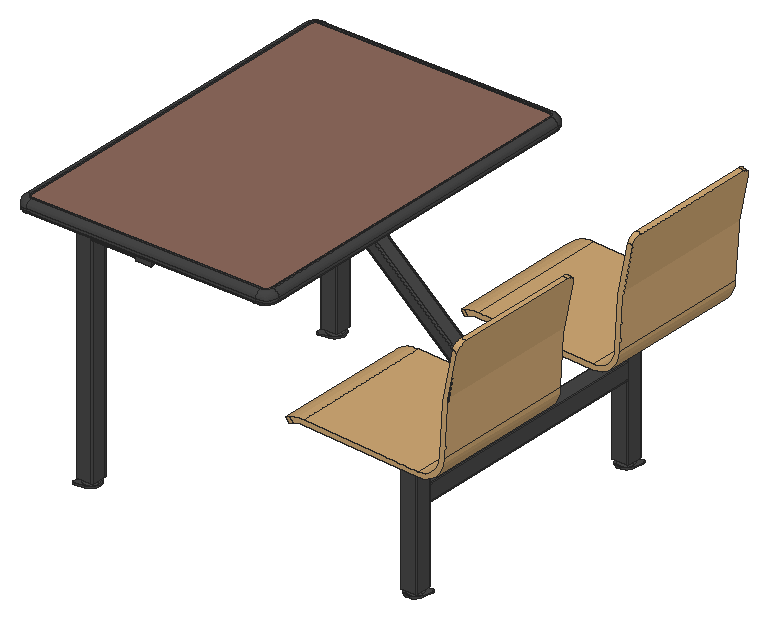
Revit family "Plymold-Essentials-Jupiter-2_Seat_ADA-Legacy", category Furniture, Revit 2021 (continued)
Definition of nested family "PLM-Cafeteria_Top"
  Forms (in)
    Sweep 8, solid, material <- "Edge Finish", visible <- "PVC"
      profile origin (0, 15, 0) x (0, 1, 0) y (0, 0, 1)
        loop
          line (-0.08, 0) -> (-0.08, -1.25)
          arc (-0.08, -1.25) -> (-0.02412, -1.23315) -> (0, -1.18) r 0.07063
          line (0, -1.18) -> (0, -0.07)
          arc (0, -0.07) -> (-0.02412, -0.01685) -> (-0.08, 0) r 0.07062
    Extrusion 9, void
      sketch origin (0, 25.31884, -1.5) x (0, 1, 0) y (-1, 0, 0)
        loop
          line (-10.75634, 39.92) -> (-39.88134, 39.92)
          arc (-39.88134, 39.92) -> (-40.13413, 39.81529) -> (-40.23884, 39.5625) r 0.3575
          line (-40.23884, 39.5625) -> (-40.23884, -39.5625)
          arc (-40.23884, -39.5625) -> (-40.13413, -39.81529) -> (-39.88134, -39.92) r 0.3575
          line (-39.88134, -39.92) -> (-10.75634, -39.92)
          arc (-10.75634, -39.92) -> (-10.50355, -39.81529) -> (-10.39884, -39.5625) r 0.3575
          line (-10.39884, -39.5625) -> (-10.39884, 39.5625)
          arc (-10.39884, 39.5625) -> (-10.50355, 39.81529) -> (-10.75634, 39.92) r 0.3575
        loop
          line (-10.08634, 40.3125) -> (-40.63134, 40.3125) -> (-40.63134, -40.3125) -> (-10.08634, -40.3125) -> (-10.08634, 40.3125)
      from 0 to 0.125 <- "PVC-void"
  Cuts and joins
    Extrusion 4, Extrusion 5, Extrusion 7, Extrusion 9 cuts Extrusion 1
  Lines and regions (in)
    symbolic lines, visible <- "TPD"
      curve 1: line (-39.5625, 15, -1.5) -> (39.5625, 15, -1.5)
      curve 2: line (-40, -14.5625, -1.5) -> (-40, 14.5625, -1.5)
      curve 3: line (39.5625, -15, -1.5) -> (-39.5625, -15, -1.5)
      curve 4: line (40, 14.5625, -1.5) -> (40, -14.5625, -1.5)
      curve 5: arc (-40, 14.5625, -1.5) -> (-39.87186, 14.87186, -1.5) -> (-39.5625, 15, -1.5) r 0.4375
      curve 6: arc (39.5625, 15, -1.5) -> (39.87186, 14.87186, -1.5) -> (40, 14.5625, -1.5) r 0.4375
      curve 7: arc (40, -14.5625, -1.5) -> (39.87186, -14.87186, -1.5) -> (39.5625, -15, -1.5) r 0.4375
      curve 8: arc (-39.5625, -15, -1.5) -> (-39.87186, -14.87186, -1.5) -> (-40, -14.5625, -1.5) r 0.4375
    symbolic lines, visible <- "DE"
      curve 9: line (38.5, 15, -1.5) -> (-38.5, 15, -1.5)
      curve 10: line (40, -13.5, -1.5) -> (40, 13.5, -1.5)
      curve 11: line (-38.5, -15, -1.5) -> (38.5, -15, -1.5)
      curve 12: line (-40, 13.5, -1.5) -> (-40, -13.5, -1.5)
      curve 13: arc (-38.5, 15, -1.5) -> (-39.56066, 14.56066, -1.5) -> (-40, 13.5, -1.5) r 1.5
      curve 14: arc (38.5, 15, -1.5) -> (39.56066, 14.56066, -1.5) -> (40, 13.5, -1.5) r 1.5
      curve 15: arc (40, -13.5, -1.5) -> (39.56066, -14.56066, -1.5) -> (38.5, -15, -1.5) r 1.5
      curve 16: arc (-38.5, -15, -1.5) -> (-39.56066, -14.56066, -1.5) -> (-40, -13.5, -1.5) r 1.5
    symbolic lines, visible <- "VE"
      curve 17: line (-36.75, 15, -1.5) -> (36.75, 15, -1.5)
      curve 18: line (-40, -11.75, -1.5) -> (-40, 11.75, -1.5)
      curve 19: line (36.75, -15, -1.5) -> (-36.75, -15, -1.5)
      curve 20: line (40, 11.75, -1.5) -> (40, -11.75, -1.5)
      curve 21: arc (-40, 11.75, -1.5) -> (-39.0481, 14.0481, -1.5) -> (-36.75, 15, -1.5) r 3.25
      curve 22: arc (36.75, 15, -1.5) -> (39.0481, 14.0481, -1.5) -> (40, 11.75, -1.5) r 3.25
      curve 23: arc (40, -11.75, -1.5) -> (39.0481, -14.0481, -1.5) -> (36.75, -15, -1.5) r 3.25
      curve 24: arc (-36.75, -15, -1.5) -> (-39.0481, -14.0481, -1.5) -> (-40, -11.75, -1.5) r 3.25
    symbolic lines, visible <- "PVC"
      curve 25: line (-39.5625, 15, -1.5) -> (39.5625, 15, -1.5)
      curve 26: line (-40, -14.5625, -1.5) -> (-40, 14.5625, -1.5)
      curve 27: line (39.5625, -15, -1.5) -> (-39.5625, -15, -1.5)
      curve 28: line (40, 14.5625, -1.5) -> (40, -14.5625, -1.5)
      curve 29: arc (-40, 14.5625, -1.5) -> (-39.87186, 14.87186, -1.5) -> (-39.5625, 15, -1.5) r 0.4375
      curve 30: arc (39.5625, 15, -1.5) -> (39.87186, 14.87186, -1.5) -> (40, 14.5625, -1.5) r 0.4375
      curve 31: arc (40, -14.5625, -1.5) -> (39.87186, -14.87186, -1.5) -> (39.5625, -15, -1.5) r 0.4375
      curve 32: arc (-39.5625, -15, -1.5) -> (-39.87186, -14.87186, -1.5) -> (-40, -14.5625, -1.5) r 0.4375
  Dimensions and locks (in)
    equal spacing: plane 4, plane 3 "Center (Left/Right)", plane 5
    equal spacing: plane 6, plane 1 "Center (Front/Back)", plane 7
    "D": plane 6 to plane 7
    "W": plane 4 to plane 5
    locked: profile plane to Sweep 2 sketch curve at 0.90625
    locked: plane 2 to plane 8 at 1.25
    locked: plane 4 to Sweep 3 sketch curve at 0.4375  (x2)
    locked: Sweep 3 sketch curve to plane 5 at 0.4375  (x2)
    locked: plane 2 to Sweep 3 sketch curve at 0.18
    locked: Sweep 3 sketch curve to plane 8 at 0.18
    locked: plane 6 to Sweep 3 sketch curve at 0.1875
    locked: plane 8 to plane 9 at 0.25
    locked: plane 4 to Extrusion 4 sketch curve at 0.4375  (x2)
    locked: Extrusion 4 sketch curve to plane 5 at 0.4375  (x2)
    locked: plane 4 to Extrusion 4 sketch curve at 0.1875
    locked: plane 6 to Extrusion 4 sketch curve at 0.1875
    locked: Extrusion 4 sketch curve to plane 7 at 0.1875
    locked: Extrusion 4 sketch curve to plane 5 at 0.1875
    locked: Extrusion 4 sketch curve to plane 4 at 0.3125
    locked: plane 5 to Extrusion 4 sketch curve at 0.3125
    Extrusion 4 sketch curve to plane 6 = 1/8"
    locked: plane 7 to Extrusion 4 sketch curve at 0.3125
    locked: Extrusion 4 sketch curve to Extrusion 4 sketch curve at 0.3125
    locked: Extrusion 5 sketch curve to plane 7 at 0.25
    locked: Extrusion 5 sketch curve to plane 5 at 0.25
    locked: plane 6 to Extrusion 5 sketch curve at 0.25
    locked: Extrusion 5 sketch curve to plane 4 at 0.5
    locked: plane 7 to Extrusion 5 sketch curve at 0.5
    locked: plane 5 to Extrusion 5 sketch curve at 0.5
    locked: Extrusion 7 sketch curve to plane 4 at 0.5
    locked: plane 5 to Extrusion 7 sketch curve at 0.5
    locked: plane 7 to Extrusion 7 sketch curve at 0.5
    locked: Extrusion 7 sketch curve to plane 6 at 0.5
    locked: plane 4 to Sweep 2 sketch curve at 3.25  (x2)
    locked: Sweep 2 sketch curve to plane 5 at 3.25  (x2)
    locked: plane 4 to Extrusion 5 sketch curve at 3.25
    locked: Extrusion 5 sketch curve to plane 5 at 3.25  (x2)
    plane 4 to Extrusion 5 sketch curve = 3 1/4"
    locked: plane 4 to Sweep 6 sketch curve at 1.5  (x2)
    locked: Sweep 6 sketch curve to plane 5 at 1.5  (x2)
    locked: plane 2 to Sweep 6 sketch curve at 0.75
    locked: Sweep 6 sketch curve to plane 8 at 0.25
    locked: plane 6 to Sweep 6 sketch curve at 0.75
    locked: plane 6 to Sweep 6 sketch curve at 0.94
    locked: plane 4 to curve 5 at 0.4375
    locked: plane 4 to curve 8 at 0.4375
    locked: curve 8 to plane 7 at 0.4375
    locked: plane 6 to curve 5 at 0.4375
    locked: curve 6 to plane 5 at 0.4375
    locked: curve 7 to plane 5 at 0.4375
    locked: curve 7 to plane 7 at 0.4375
    locked: plane 6 to curve 6 at 0.4375
    locked: curve 15 to plane 5 at 1.5
    locked: curve 15 to plane 7 at 1.5
    locked: plane 6 to curve 14 at 1.5
    locked: curve 14 to plane 5 at 1.5
    locked: plane 4 to curve 13 at 1.5
    locked: plane 6 to curve 13 at 1.5
    locked: curve 16 to plane 7 at 1.5
    locked: plane 4 to curve 16 at 1.5
    locked: plane 4 to curve 21 at 3.25
    locked: plane 6 to curve 21 at 3.25
    locked: curve 24 to plane 7 at 3.25
    locked: plane 4 to curve 24 at 3.25
    locked: curve 23 to plane 5 at 3.25
    locked: curve 23 to plane 7 at 3.25
    locked: plane 6 to curve 22 at 3.25
    locked: curve 22 to plane 5 at 3.25
    locked: plane 2 to Sweep 8 sketch curve at 0.07
    locked: Sweep 8 sketch curve to plane 8 at 0.07
    locked: Extrusion 9 sketch curve to Extrusion 9 sketch curve at 0.3125
    locked: plane 4 to Extrusion 9 sketch curve at 0.08
    locked: Extrusion 9 sketch curve to plane 4 at 0.3125
    locked: Extrusion 9 sketch curve to plane 7 at 0.08
    locked: plane 7 to Extrusion 9 sketch curve at 0.3125
    locked: Extrusion 9 sketch curve to plane 5 at 0.08
    locked: plane 5 to Extrusion 9 sketch curve at 0.3125
    locked: plane 6 to Extrusion 9 sketch curve at 0.08
    Extrusion 9 sketch curve to plane 6 = 0.2325"
    aligned and locked: plane 2 to level
    aligned and locked: Sweep 2 sketch curve to plane 6
    aligned and locked: plane 4 to Sweep 2 sketch curve
    aligned and locked: plane 7 to Sweep 2 sketch curve
    aligned and locked: Sweep 2 sketch curve to plane 5
    aligned and locked: profile plane to Sweep 2 sketch curve
    aligned and locked: plane 8 to Sweep 2 sketch curve
    aligned and locked: plane 2 to Extrusion 1
    aligned and locked: Extrusion 1 to plane 8
    aligned and locked: plane 9 to Extrusion 4
    aligned and locked: plane 9 to Extrusion 5
    aligned and locked: Sweep 6 sketch curve to plane 6
    aligned and locked: plane 4 to Sweep 6 sketch curve
    aligned and locked: plane 7 to Sweep 6 sketch curve
    aligned and locked: Sweep 6 sketch curve to plane 5
    aligned and locked: plane 9 to Extrusion 7
    aligned and locked: Extrusion 5 sketch curve to Sweep 2
    aligned and locked: Extrusion 7 sketch curve to Sweep 6  (x4)
    aligned and locked: plane 4 to curve 2
    aligned and locked: plane 6 to curve 9
    aligned and locked: plane 5 to curve 10
    aligned and locked: curve 11 to plane 7
    aligned and locked: curve 12 to plane 4
    aligned and locked: curve 17 to plane 6
    aligned and locked: plane 4 to curve 18
    aligned and locked: plane 7 to curve 19
    aligned and locked: curve 20 to plane 5
    aligned and locked: plane 4 to Sweep 8 sketch curve
    aligned and locked: Sweep 8 sketch curve to plane 5
    aligned and locked: Sweep 8 sketch curve to plane 6
    aligned and locked: plane 7 to Sweep 8 sketch curve
    aligned and locked: plane 9 to Extrusion 9
    aligned and locked: curve 25 to plane 6
    aligned and locked: plane 7 to curve 27
    aligned and locked: curve 28 to plane 5
  Automatic sketch dimensions
    Extrusion 1 sketch curve to plane 4 = 0"
    Extrusion 1 sketch curve to plane 5 = 0"
    Extrusion 1 sketch curve to plane 7 = 0"
    Extrusion 1 sketch curve to plane 6 = 0"
    profile plane to Sweep 2 sketch curve = 1/4"
    Sweep 3 sketch curve to plane 4 = 0"
    Sweep 3 sketch curve to plane 5 = 0"
    Sweep 3 sketch curve to plane 7 = 0"
    Sweep 3 sketch curve to plane 6 = 0"
    plane 6 to Extrusion 5 sketch curve = 1/2"
    plane 4 to Sweep 8 sketch curve = 7/16"  (x2)
    Sweep 8 sketch curve to Sweep 8 sketch curve = 7/16"
    Sweep 8 sketch curve to plane 5 = 7/16"
    Extrusion 9 sketch curve to Extrusion 9 sketch curve = 0.3575"
    plane 7 to Extrusion 9 sketch curve = 7/16"
    Extrusion 9 sketch curve to plane 6 = 7/16"  (x2)
    Sweep 3 sketch curve to profile plane = 0"
    Sweep 3 sketch curve to plane 2 = 0"
    Sweep 3 sketch curve to Sweep 3 sketch curve = 0.00735"
    Sweep 6 sketch curve to profile plane = 0"
    plane 9 to Sweep 6 sketch curve = 1/4"
    Sweep 8 sketch curve to plane 2 = 0"
    Sweep 8 sketch curve to profile plane = 0"
    Sweep 8 sketch curve to Sweep 8 sketch curve = 0.07062"
    Sweep 8 sketch curve to Sweep 8 sketch curve = 0.00937"
Definition of nested family "Seat_Legacy"
  Parameters (values of type "Seat_Legacy")
    Seat Finish [instance] = none
    Hardware Finish [instance] = none
    Default Elevation = 0"
  Reference planes (in)
    plane 1 "Center (Front/Back)": y = 0
    plane 2: z = 0
    plane 3 "Center (Left/Right)": x = 0
    plane 4: z = -0.25
    plane 5: through (0, 11.09453, 17.69667) normal (0, -0.601, 0.7992)
    plane 6: through (0, 10.94131, 17.24739) normal (0, -0.9613, 0.2756)
    plane 7: through (0, 7.59098, 0.80097) normal (0, 0.0523, 0.9986)
  Forms (in)
    Extrusion 1, solid, material <- "Seat Finish"
      sketch origin (0, 0, 0) x (0, 1, 0) y (0, 0, 1)
        loop
          line (12.83838, 17.50654) -> (12.30153, 17.67445)
          arc (12.30153, 17.67445) -> (10.71587, 10.8167) -> (10.18549, 3.79803) r 46.41121
          arc (10.18549, 3.79803) -> (9.42627, 2.02916) -> (7.62042, 1.3627) r 2.4375
          line (7.62042, 1.3627) -> (-5.86209, 2.06929)
          arc (-5.86209, 2.06929) -> (-7.78185, 1.64351) -> (-9.20786, 0.28953) r 3.67792
          line (-9.20786, 0.28953) -> (-8.7256, 0)
          arc (-8.7256, 0) -> (-7.51768, 1.1469) -> (-5.89153, 1.50756) r 3.11542
          line (-5.89153, 1.50756) -> (7.59098, 0.80097)
          arc (7.59098, 0.80097) -> (9.81357, 1.62123) -> (10.74799, 3.7983) r 3
          arc (10.74799, 3.7983) -> (11.27194, 10.7319) -> (12.83838, 17.50654) r 45.84871
      from -9.52971 to 9.2457
    Extrusion 2, void
      sketch origin (0, 10.94131, 17.24739) x (0, 0.275637, 0.961262) y (-1, 0, 0)
        loop
          line (-0.39471, 7.5) -> (-0.39471, -7.5)
          arc (-0.39471, -7.5) -> (-0.6876, -8.20711) -> (-1.39471, -8.5) r 1
          line (-1.39471, -8.5) -> (-16.85485, -8.5) -> (-16.85485, -9.83917) -> (1.14515, -9.83917) -> (1.14515, 10.16083) -> (-16.85485, 10.16083) -> (-16.85485, 8.5) -> (-1.39471, 8.5)
          arc (-1.39471, 8.5) -> (-0.6876, 8.20711) -> (-0.39471, 7.5) r 1
      from -5.40887 to 4.20138
    Extrusion 3, void
      sketch origin (0, 11.09453, 17.69667) x (0, 0.799223, 0.601034) y (-1, 0, 0)
        loop
          line (-11.92392, 8.5) -> (-11.92392, 10.00358) -> (-27.30016, 10.00358) -> (-27.30016, -10.01836) -> (-11.92392, -10.01836) -> (-11.92392, -8.5) -> (-24.4188, -8.5)
          arc (-24.4188, -8.5) -> (-25.12591, -8.20711) -> (-25.4188, -7.5) r 1
          line (-25.4188, -7.5) -> (-25.4188, 7.5)
          arc (-25.4188, 7.5) -> (-25.12591, 8.20711) -> (-24.4188, 8.5) r 1
          line (-24.4188, 8.5) -> (-11.92392, 8.5)
      from -11.55809 to -1.0668
    Revolve 4, solid, material <- "Hardware Finish"
      sketch origin (0, 0, 0) x (0, 1, 0) y (0, 0, 1)
        loop
          line (0.125, 0.35) -> (0.125, 1.4104) -> (-2.95714, 1.4104) -> (-2.81431, 0.50859)
          arc (-2.81431, 0.50859) -> (-2.75072, 0.39504) -> (-2.62862, 0.35) r 0.188
          line (-2.62862, 0.35) -> (0.125, 0.35)
        axis (0.125, 1.4104) -> (0.125, 0.35)
      angle from 0 to 360
    Extrusion 5, solid, material <- "Hardware Finish"
      sketch origin (0, 7.59098, 0.80097) x (0, 0.99863, -0.052336) y (-1, 0, 0)
        loop
          arc (-12.01664, -2.95542) -> (-11.86255, -3.31645) -> (-11.49527, -3.45496) r 0.5
          line (-11.49527, -3.45496) -> (-7.62831, -3.28953) -> (-4.66638, -3.43627)
          arc (-4.66638, -3.43627) -> (-4.29694, -3.29908) -> (-4.14164, -2.93689) r 0.5
          line (-4.14164, -2.93689) -> (-4.14164, 2.93689)
          arc (-4.14164, 2.93689) -> (-4.29694, 3.29908) -> (-4.66638, 3.43627) r 0.5
          line (-4.66638, 3.43627) -> (-7.62831, 3.28953) -> (-11.49527, 3.45496)
          arc (-11.49527, 3.45496) -> (-11.86255, 3.31645) -> (-12.01664, 2.95542) r 0.5
          line (-12.01664, 2.95542) -> (-12.01664, -2.95542)
      from -0.125 to 0
    Extrusion 6, void
      sketch origin (0, 0, 0) x (0, 1, 0) y (0, 0, 1)
        loop
          line (3.33519, 1.02401) -> (3.33519, 1.85797) -> (-3.41481, 1.85797) -> (-3.41481, 1.37776) -> (3.33519, 1.02401)
      from -5.40975 to 5.45761
    Revolve 7, solid, material <- "Hardware Finish"
      sketch origin (-1.25, 0, 0) x (0, 1, 0) y (0, 0, 1)
        loop
          line (1.25146, 0) -> (1.50146, 0) -> (1.50146, 0.1)
          arc (1.50146, 0.1) -> (1.57468, 0.27678) -> (1.75146, 0.35) r 0.25
          line (1.75146, 0.35) -> (1.25146, 0.35) -> (1.25146, 0)
        axis (1.25146, 0.35) -> (1.25146, 0)
      angle from 0 to 360
    Revolve 8, solid, material <- "Hardware Finish"
      sketch origin (-1.25, -2.5, 0) x (0, 1, 0) y (0, 0, 1)
        loop
          line (1.25146, 0) -> (1.50146, 0) -> (1.50146, 0.1)
          arc (1.50146, 0.1) -> (1.57468, 0.27678) -> (1.75146, 0.35) r 0.25
          line (1.75146, 0.35) -> (1.25146, 0.35) -> (1.25146, 0)
        axis (1.25146, 0.35) -> (1.25146, 0)
      angle from 0 to 360
    Revolve 9, solid, material <- "Hardware Finish"
      sketch origin (1.25, 0, 0) x (0, 1, 0) y (0, 0, -1)
        loop
          line (1.25146, 0) -> (1.25146, -0.35) -> (1.75146, -0.35)
          arc (1.75146, -0.35) -> (1.57468, -0.27678) -> (1.50146, -0.1) r 0.25
          line (1.50146, -0.1) -> (1.50146, 0) -> (1.25146, 0)
        axis (1.25146, -0.35) -> (1.25146, 0)
      angle from 0 to 360
    Revolve 10, solid, material <- "Hardware Finish"
      sketch origin (1.25, -2.5, 0) x (0, 1, 0) y (0, 0, -1)
        loop
          line (1.25146, 0) -> (1.25146, -0.35) -> (1.75146, -0.35)
          arc (1.75146, -0.35) -> (1.57468, -0.27678) -> (1.50146, -0.1) r 0.25
          line (1.50146, -0.1) -> (1.50146, 0) -> (1.25146, 0)
        axis (1.25146, -0.35) -> (1.25146, 0)
      angle from 0 to 360
  Cuts and joins
    Extrusion 2, Extrusion 3 cuts Extrusion 1
    Extrusion 6 cuts Revolve 4
    joined: Revolve 4, Extrusion 5, Revolve 7, Revolve 8, Revolve 9, Revolve 10
  Lines and regions (in)
    symbolic lines
      curve 1: line (-8.5, -6.63152, 0) -> (-8.5, 12.24064, 0)
      curve 2: line (8.5, 12.24064, 0) -> (8.5, -6.63152, 0)
      curve 3: line (-8.5, -7.4907, 0) -> (-7.5, -8.35418, 0)
      curve 4: line (-7.5, -8.35418, 0) -> (7.5, -8.35418, 0)
      curve 5: line (7.5, -8.35418, 0) -> (8.5, -7.4907, 0)
      curve 6: spline (-8.5, 12.24064, 0) -> (-8.49145, 12.27377, 0) -> (-8.46592, 12.30651, 0) -> (-8.42387, 12.3383, 0) -> (-8.366, 12.3686, 0) -> (-8.29331, 12.3969, 0) -> (-8.20705, 12.4227, 0) -> (-8.10869, 12.44556, 0) -> (-7.9999, 12.4651, 0) -> (-7.88257, 12.48098, 0) -> (-7.75869, 12.49293, 0) -> (-7.63038, 12.50074, 0) -> (-7.49984, 12.50428, 0)
      curve 7: line (-7.49984, 12.50428, 0) -> (7.50162, 12.50428, 0)
      curve 8: spline (7.50162, 12.50428, 0) -> (7.63201, 12.50197, 0) -> (7.76014, 12.4952, 0) -> (7.88383, 12.48408, 0) -> (8.00096, 12.4688, 0) -> (8.10954, 12.44963, 0) -> (8.20771, 12.42689, 0) -> (8.29379, 12.40098, 0) -> (8.36632, 12.37232, 0) -> (8.42406, 12.34142, 0) -> (8.46601, 12.30879, 0) -> (8.49147, 12.27501, 0) -> (8.5, 12.24064, 0)
      curve 9: spline (8.5, 11.69978, 0) -> (8.49145, 11.73294, 0) -> (8.46593, 11.76571, 0) -> (8.42387, 11.79754, 0) -> (8.36601, 11.82786, 0) -> (8.29332, 11.85618, 0) -> (8.20706, 11.882, 0) -> (8.10869, 11.90487, 0) -> (7.99991, 11.92442, 0) -> (7.88258, 11.9403, 0) -> (7.75869, 11.95224, 0) -> (7.63038, 11.96004, 0) -> (7.49984, 11.96357, 0)
      curve 10: line (7.49984, 11.96357, 0) -> (-7.50161, 11.96357, 0)
      curve 11: spline (-7.50161, 11.96357, 0) -> (-7.63199, 11.96126, 0) -> (-7.76011, 11.95448, 0) -> (-7.8838, 11.94336, 0) -> (-8.00093, 11.92808, 0) -> (-8.1095, 11.9089, 0) -> (-8.20767, 11.88615, 0) -> (-8.29376, 11.86022, 0) -> (-8.36629, 11.83155, 0) -> (-8.42403, 11.80064, 0) -> (-8.46599, 11.768, 0) -> (-8.49146, 11.73419, 0) -> (-8.5, 11.6998, 0)
      curve 12: line (-8.5, -6.63152, 0) -> (-8.5, -7.4907, 0)
      curve 13: line (8.5, -6.63152, 0) -> (8.5, -7.4907, 0)
  Dimensions and locks (in)
    locked: plane 4 to plane 2 at 0.25
    aligned and locked: plane 2 to level
    aligned and locked: plane 7 to Extrusion 5
    aligned and locked: plane 7 to Extrusion 6 sketch curve
Types (5): name | VE | TPD | PVC | Model | Description | DE
  (no name) | no | no | no | "JUWL002DELEADA" | "2 Seat ADA Unit - Jupiter® Cluster w/Bullnose Dur-A-Edge® Table Top Unit - 47.63”W x 44”D x 29.75\"H" | yes
  JUWL002DELEADA | no | no | no | "JUWL002DELEADA" | "2 Seat ADA Unit - Jupiter® Cluster w/Bullnose Dur-A-Edge® Table Top Unit - 47.63”W x 44”D x 29.75\"H" | yes
  JUWL002TPDLEADA | no | yes | no | "JUWL002TPDLEADA" | "2 Seat ADA Unit - Jupiter® Cluster w/Thin Dur-A-Edge® Table Top Unit - 47.63”W x 44”D x 29.75\"H" | no
  JUWL002VELEADA | yes | no | no | "JUWL002VELEADA" | "2 Seat ADA Unit - Jupiter® Cluster w/Vinyl Edge Table Top Unit - 47.63”W x 44”D x 29.75\"H" | no
  JUWL002PVCLEADA | no | no | yes | "JUWL002PVCLEADA" | "2 Seat ADA Unit - Jupiter® Cluster w/PVC Edge Table Top Unit - 47.63”W x 44”D x 29.75\"H" | no
